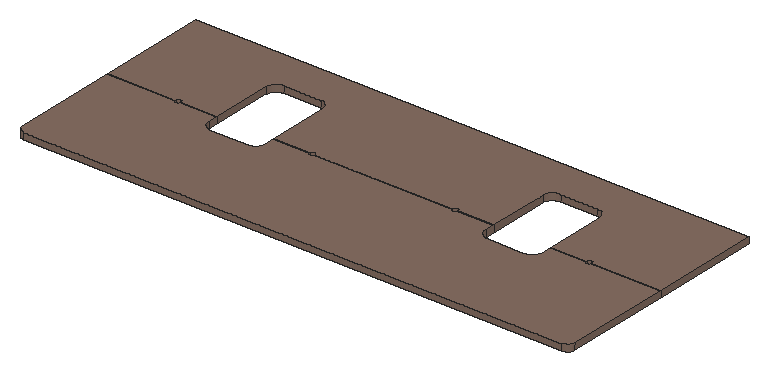
Revit family "console with 2 cutouts for bowl with tap hole", category Furniture, Revit 2019
Family settings
  OmniClass Number = 23.21.19.15.33.13
  Work Plane-Based = No
  Always vertical = Yes
  Cut with Voids When Loaded = No
  Shared = Yes
  Room Calculation Point = No
Parameters (values of type "Console 1360_550 with 2 cutouts for bowl with tap hole-54125630-DARK_WALNUT-400")
  WEIGHT = "12"
  UNSPSC = "56 | Furniture and Furnishings"
  UNIFORMATII = "E2010 | Fixed Furnishings"
  UNICLASS2015 = "Pr_40_20_76_94 | Vanity units"
  SURFACE = "DARK_WALNUT"
  SPECIFICATION = "Surfaces:    - 54125050 High Gloss White  - 54125910 Diamond Matt Grey  - 54125230 Natural Oak  - 54125630 Dark Walnut     Specification:"
  REGIONSET = "Worldwide"
  PRODUCTURL = "https://pro.hansgrohe.com/articledetail--54125050"
  PRODUCTGROUP = "console"
  PRODUCTFAMILY = "Xelu Q"
  PERMALINK = "54125XXX"
  OMNICLASS = "23-19 31 17 11 | Bathroom Units"
  OBJECTTYPE = "Object (single object)"
  NN = "Console with 2 cutouts for bowl with tap hole"
  NBSYN = "$BASENUMBER.-$ARTNR.-$SURFACE.-$LODLEVEL."
  NB = "Console 1360/550 with 2 cutouts for bowl with tap hole-54125630-DARK_WALNUT-400"
  NAME = "Xelu Q Console 1360/550 with 2 cutouts for bowl with tap hole"
  Model = "Console 1360/550 with 2 cutouts for bowl with tap hole-54125630-DARK_WALNUT-400"
  Manufacturer = "Hansgrohe"
  MIdent = "{$CADENAS_DATA/23d-libs/hansgrohe/xelu_furniture/console_with_cutout_for_bowl_with_tap_hole/console_with_2_cutouts_for_bowl_with_taphole.prj},345 {VTYP=3D},{NB=Console 1360/550 with 2 cutouts for bowl with tap hole-54125630-DARK_WALNUT-400},{LINA=Console 1360/550 with 2 cutouts for bowl with tap hole-54125630-DARK_WALNUT-400},{NN=Console with 2 cutouts for bowl with tap hole},{DATE=10.03.2023 08:03:43},{GEOMDATE=08.03.2023 13:05:50},{VERSION=},{LINEID=40},{WBVAR=LODLEVEL},{WBNUMERIC=}  {NB=Console 1360/550 with 2 cutouts for bowl with tap hole-54125630-DARK_WALNUT-400},{LINA=Console 1360/550 with 2 cutouts for bowl with tap hole-54125630-DARK_WALNUT-400},{KT=DUMMY},{IDNR=4},{ARTNR=54125630},{BASENUMBER=Console 1360/550 with 2 cutouts for bowl with tap hole},{MODEL=54125XXX},{SURFACE=DARK_WALNUT},{L=1360},{LODLEVEL=400},{LODLEVELX='400','400','200','200'},{L1=140},{LL=270},{NAME=Xelu Q Console 1360/550 with 2 cutouts for bowl with tap hole},{PERMALINK=54125XXX},{OBJECTTYPE=Object (single object)},{BIMOBJECT=Sanitary: Compound units},{PRODUCTFAMILY=Xelu Q},{PRODUCTGROUP=console},{WEIGHT=12},{DESCRIPTION=Xelu Q Console 1360/550 with 2 cutouts for bowl with tap hole},{SPECIFICATION=Surfaces:    - 54125050 High Gloss White  - 54125910 Diamond Matt Grey  - 54125230 Natural Oak  - 54125630 Dark Walnut     Specification:},{PRODUCTURL=https://pro.hansgrohe.com/articledetail--54125050},{GTINCODE=4059625457856},{TENDERURL=},{IFC=Furnishing element},{ETIM=EC011381 | Bathroom furniture set},{UNICLASS2015=Pr_40_20_76_94 | Vanity units},{OMNICLASS=23-19 31 17 11 | Bathroom Units},{MASTERFORMAT=12 35 30.23 | Bathroom Casework},{UNSPSC=56 | Furniture and Furnishings},{UNIFORMATII=E2010 | Fixed Furnishings},{REGIONSET=Worldwide},{DESIGN=Germany},{MANUFACTURER=Germany}"
  MASTERFORMAT = "12 35 30.23 | Bathroom Casework"
  LODLEVEL = "400"
  LL = 270
  LINA = "Console 1360/550 with 2 cutouts for bowl with tap hole-54125630-DARK_WALNUT-400"
  L1 = 140
  L = 1360
  IFC = "Furnishing element"
  GTINCODE = "4059625457856"
  ETIM = "EC011381 | Bathroom furniture set"
  DESIGN = "Germany"
  Console 1560_550 with 2 cutouts for bowl with tap hole-54126910-DIAMOND_GREY-400_RX0RY0RZ0TX0TY0TZ0_V = no
  Console 1560_550 with 2 cutouts for bowl with tap hole-54126910-DIAMOND_GREY-200_RX0RY0RZ0TX0TY0TZ0_V = no
  Console 1560_550 with 2 cutouts for bowl with tap hole-54126630-DARK_WALNUT-400_RX0RY0RZ0TX0TY0TZ0_V = no
  Console 1560_550 with 2 cutouts for bowl with tap hole-54126630-DARK_WALNUT-200_RX0RY0RZ0TX0TY0TZ0_V = no
  Console 1560_550 with 2 cutouts for bowl with tap hole-54126230-NATURAL_OAK-400_RX0RY0RZ0TX0TY0TZ0_V = no
  Console 1560_550 with 2 cutouts for bowl with tap hole-54126230-NATURAL_OAK-200_RX0RY0RZ0TX0TY0TZ0_V = no
  Console 1560_550 with 2 cutouts for bowl with tap hole-54126050-GLOSSY_WHITE-400_RX0RY0RZ0TX0TY0TZ0_V = no
  Console 1560_550 with 2 cutouts for bowl with tap hole-54126050-GLOSSY_WHITE-200_RX0RY0RZ0TX0TY0TZ0_V = no
  Console 1360_550 with 2 cutouts for bowl with tap hole-54125910-DIAMOND_GREY-400_RX0RY0RZ0TX0TY0TZ0_V = no
  Console 1360_550 with 2 cutouts for bowl with tap hole-54125910-DIAMOND_GREY-200_RX0RY0RZ0TX0TY0TZ0_V = no
  Console 1360_550 with 2 cutouts for bowl with tap hole-54125630-DARK_WALNUT-400_RX0RY0RZ0TX0TY0TZ0_V = yes
  Console 1360_550 with 2 cutouts for bowl with tap hole-54125630-DARK_WALNUT-200_RX0RY0RZ0TX0TY0TZ0_V = no
  Console 1360_550 with 2 cutouts for bowl with tap hole-54125230-NATURAL_OAK-400_RX0RY0RZ0TX0TY0TZ0_V = no
  Console 1360_550 with 2 cutouts for bowl with tap hole-54125230-NATURAL_OAK-200_RX0RY0RZ0TX0TY0TZ0_V = no
  Console 1360_550 with 2 cutouts for bowl with tap hole-54125050-GLOSSY_WHITE-400_RX0RY0RZ0TX0TY0TZ0_V = no
  Console 1360_550 with 2 cutouts for bowl with tap hole-54125050-GLOSSY_WHITE-200_RX0RY0RZ0TX0TY0TZ0_V = no
  CATALOG = "Hansgrohe"
  BIMOBJECT = "Sanitary: Compound units"
  BASENUMBER = "Console 1360/550 with 2 cutouts for bowl with tap hole"
  ARTNR = "54125630"
Reference planes
  plane 1 "Center (Front/Back)": y = 0
  plane 2: z = 0
  plane 3 "Center (Left/Right)": x = 0
Dimensions and locks
  aligned and locked: level to plane 2
Nested families
  nested 1: "console 1360_550 with 2 cutouts for bowl with tap hole-54125050-glossy_white-200_content" at (0, 0, 0), visible <- "Console 1360_550 with 2 cutouts for bowl with tap hole-54125050-GLOSSY_WHITE-200_RX0RY0RZ0TX0TY0TZ0_V", ContentVisible <- "Console 1360_550 with 2 cutouts for bowl with tap hole-54125050-GLOSSY_WHITE-200_RX0RY0RZ0TX0TY0TZ0_V", type "Console 1360_550 with 2 cutouts for bowl with tap hole-54125050-GLOSSY_WHITE-200_Content"
    with ContentVisible no
  nested 2: "console 1360_550 with 2 cutouts for bowl with tap hole-54125050-glossy_white-400_content" at (0, 0, 0), visible <- "Console 1360_550 with 2 cutouts for bowl with tap hole-54125050-GLOSSY_WHITE-400_RX0RY0RZ0TX0TY0TZ0_V", ContentVisible <- "Console 1360_550 with 2 cutouts for bowl with tap hole-54125050-GLOSSY_WHITE-400_RX0RY0RZ0TX0TY0TZ0_V", type "Console 1360_550 with 2 cutouts for bowl with tap hole-54125050-GLOSSY_WHITE-400_Content"
    with ContentVisible no
  nested 3: "console 1360_550 with 2 cutouts for bowl with tap hole-54125230-natural_oak-200_content" at (0, 0, 0), visible <- "Console 1360_550 with 2 cutouts for bowl with tap hole-54125230-NATURAL_OAK-200_RX0RY0RZ0TX0TY0TZ0_V", ContentVisible <- "Console 1360_550 with 2 cutouts for bowl with tap hole-54125230-NATURAL_OAK-200_RX0RY0RZ0TX0TY0TZ0_V", type "Console 1360_550 with 2 cutouts for bowl with tap hole-54125230-NATURAL_OAK-200_Content"
    with ContentVisible no
  nested 4: "console 1360_550 with 2 cutouts for bowl with tap hole-54125230-natural_oak-400_content" at (0, 0, 0), visible <- "Console 1360_550 with 2 cutouts for bowl with tap hole-54125230-NATURAL_OAK-400_RX0RY0RZ0TX0TY0TZ0_V", ContentVisible <- "Console 1360_550 with 2 cutouts for bowl with tap hole-54125230-NATURAL_OAK-400_RX0RY0RZ0TX0TY0TZ0_V", type "Console 1360_550 with 2 cutouts for bowl with tap hole-54125230-NATURAL_OAK-400_Content"
    with ContentVisible no
  nested 5: "console 1360_550 with 2 cutouts for bowl with tap hole-54125630-dark_walnut-200_content" at (0, 0, 0), visible <- "Console 1360_550 with 2 cutouts for bowl with tap hole-54125630-DARK_WALNUT-200_RX0RY0RZ0TX0TY0TZ0_V", ContentVisible <- "Console 1360_550 with 2 cutouts for bowl with tap hole-54125630-DARK_WALNUT-200_RX0RY0RZ0TX0TY0TZ0_V", type "Console 1360_550 with 2 cutouts for bowl with tap hole-54125630-DARK_WALNUT-200_Content"
    with ContentVisible no
  nested 6: "console 1360_550 with 2 cutouts for bowl with tap hole-54125630-dark_walnut-400_content" at (0, 0, 0), visible <- "Console 1360_550 with 2 cutouts for bowl with tap hole-54125630-DARK_WALNUT-400_RX0RY0RZ0TX0TY0TZ0_V", ContentVisible <- "Console 1360_550 with 2 cutouts for bowl with tap hole-54125630-DARK_WALNUT-400_RX0RY0RZ0TX0TY0TZ0_V", type "Console 1360_550 with 2 cutouts for bowl with tap hole-54125630-DARK_WALNUT-400_Content"
    with ContentVisible yes
  nested 7: "console 1360_550 with 2 cutouts for bowl with tap hole-54125910-diamond_grey-200_content" at (0, 0, 0), visible <- "Console 1360_550 with 2 cutouts for bowl with tap hole-54125910-DIAMOND_GREY-200_RX0RY0RZ0TX0TY0TZ0_V", ContentVisible <- "Console 1360_550 with 2 cutouts for bowl with tap hole-54125910-DIAMOND_GREY-200_RX0RY0RZ0TX0TY0TZ0_V", type "Console 1360_550 with 2 cutouts for bowl with tap hole-54125910-DIAMOND_GREY-200_Content"
    with ContentVisible no
  nested 8: "console 1360_550 with 2 cutouts for bowl with tap hole-54125910-diamond_grey-400_content" at (0, 0, 0), visible <- "Console 1360_550 with 2 cutouts for bowl with tap hole-54125910-DIAMOND_GREY-400_RX0RY0RZ0TX0TY0TZ0_V", ContentVisible <- "Console 1360_550 with 2 cutouts for bowl with tap hole-54125910-DIAMOND_GREY-400_RX0RY0RZ0TX0TY0TZ0_V", type "Console 1360_550 with 2 cutouts for bowl with tap hole-54125910-DIAMOND_GREY-400_Content"
    with ContentVisible no
  nested 9: "console 1560_550 with 2 cutouts for bowl with tap hole-54126050-glossy_white-200_content" at (0, 0, 0), visible <- "Console 1560_550 with 2 cutouts for bowl with tap hole-54126050-GLOSSY_WHITE-200_RX0RY0RZ0TX0TY0TZ0_V", ContentVisible <- "Console 1560_550 with 2 cutouts for bowl with tap hole-54126050-GLOSSY_WHITE-200_RX0RY0RZ0TX0TY0TZ0_V", type "Console 1560_550 with 2 cutouts for bowl with tap hole-54126050-GLOSSY_WHITE-200_Content"
    with ContentVisible no
  nested 10: "console 1560_550 with 2 cutouts for bowl with tap hole-54126050-glossy_white-400_content" at (0, 0, 0), visible <- "Console 1560_550 with 2 cutouts for bowl with tap hole-54126050-GLOSSY_WHITE-400_RX0RY0RZ0TX0TY0TZ0_V", ContentVisible <- "Console 1560_550 with 2 cutouts for bowl with tap hole-54126050-GLOSSY_WHITE-400_RX0RY0RZ0TX0TY0TZ0_V", type "Console 1560_550 with 2 cutouts for bowl with tap hole-54126050-GLOSSY_WHITE-400_Content"
    with ContentVisible no
  nested 11: "console 1560_550 with 2 cutouts for bowl with tap hole-54126230-natural_oak-200_content" at (0, 0, 0), visible <- "Console 1560_550 with 2 cutouts for bowl with tap hole-54126230-NATURAL_OAK-200_RX0RY0RZ0TX0TY0TZ0_V", ContentVisible <- "Console 1560_550 with 2 cutouts for bowl with tap hole-54126230-NATURAL_OAK-200_RX0RY0RZ0TX0TY0TZ0_V", type "Console 1560_550 with 2 cutouts for bowl with tap hole-54126230-NATURAL_OAK-200_Content"
    with ContentVisible no
  nested 12: "console 1560_550 with 2 cutouts for bowl with tap hole-54126230-natural_oak-400_content" at (0, 0, 0), visible <- "Console 1560_550 with 2 cutouts for bowl with tap hole-54126230-NATURAL_OAK-400_RX0RY0RZ0TX0TY0TZ0_V", ContentVisible <- "Console 1560_550 with 2 cutouts for bowl with tap hole-54126230-NATURAL_OAK-400_RX0RY0RZ0TX0TY0TZ0_V", type "Console 1560_550 with 2 cutouts for bowl with tap hole-54126230-NATURAL_OAK-400_Content"
    with ContentVisible no
  nested 13: "console 1560_550 with 2 cutouts for bowl with tap hole-54126630-dark_walnut-200_content" at (0, 0, 0), visible <- "Console 1560_550 with 2 cutouts for bowl with tap hole-54126630-DARK_WALNUT-200_RX0RY0RZ0TX0TY0TZ0_V", ContentVisible <- "Console 1560_550 with 2 cutouts for bowl with tap hole-54126630-DARK_WALNUT-200_RX0RY0RZ0TX0TY0TZ0_V", type "Console 1560_550 with 2 cutouts for bowl with tap hole-54126630-DARK_WALNUT-200_Content"
    with ContentVisible no
  nested 14: "console 1560_550 with 2 cutouts for bowl with tap hole-54126630-dark_walnut-400_content" at (0, 0, 0), visible <- "Console 1560_550 with 2 cutouts for bowl with tap hole-54126630-DARK_WALNUT-400_RX0RY0RZ0TX0TY0TZ0_V", ContentVisible <- "Console 1560_550 with 2 cutouts for bowl with tap hole-54126630-DARK_WALNUT-400_RX0RY0RZ0TX0TY0TZ0_V", type "Console 1560_550 with 2 cutouts for bowl with tap hole-54126630-DARK_WALNUT-400_Content"
    with ContentVisible no
  nested 15: "console 1560_550 with 2 cutouts for bowl with tap hole-54126910-diamond_grey-200_content" at (0, 0, 0), visible <- "Console 1560_550 with 2 cutouts for bowl with tap hole-54126910-DIAMOND_GREY-200_RX0RY0RZ0TX0TY0TZ0_V", ContentVisible <- "Console 1560_550 with 2 cutouts for bowl with tap hole-54126910-DIAMOND_GREY-200_RX0RY0RZ0TX0TY0TZ0_V", type "Console 1560_550 with 2 cutouts for bowl with tap hole-54126910-DIAMOND_GREY-200_Content"
    with ContentVisible no
  nested 16: "console 1560_550 with 2 cutouts for bowl with tap hole-54126910-diamond_grey-400_content" at (0, 0, 0), visible <- "Console 1560_550 with 2 cutouts for bowl with tap hole-54126910-DIAMOND_GREY-400_RX0RY0RZ0TX0TY0TZ0_V", ContentVisible <- "Console 1560_550 with 2 cutouts for bowl with tap hole-54126910-DIAMOND_GREY-400_RX0RY0RZ0TX0TY0TZ0_V", type "Console 1560_550 with 2 cutouts for bowl with tap hole-54126910-DIAMOND_GREY-400_Content"
    with ContentVisible no
Definition of nested family "console 1360_550 with 2 cutouts for bowl with tap hole-54125630-dark_walnut-400_content"
  Parameters (values of type "Console 1360_550 with 2 cutouts for bowl with tap hole-54125630-DARK_WALNUT-400_Content")
    WEIGHT = "12"
    UNSPSC = "56 | Furniture and Furnishings"
    UNIFORMATII = "E2010 | Fixed Furnishings"
    UNICLASS2015 = "Pr_40_20_76_94 | Vanity units"
    SURFACE = "DARK_WALNUT"
    SPECIFICATION = "Surfaces:    - 54125050 High Gloss White  - 54125910 Diamond Matt Grey  - 54125230 Natural Oak  - 54125630 Dark Walnut     Specification:"
    REGIONSET = "Worldwide"
    PRODUCTURL = "https://pro.hansgrohe.com/articledetail--54125050"
    PRODUCTGROUP = "console"
    PRODUCTFAMILY = "Xelu Q"
    PERMALINK = "54125XXX"
    OMNICLASS = "23-19 31 17 11 | Bathroom Units"
    OBJECTTYPE = "Object (single object)"
    NN = "Console with 2 cutouts for bowl with tap hole"
    NBSYN = "$BASENUMBER.-$ARTNR.-$SURFACE.-$LODLEVEL."
    NB = "Console 1360/550 with 2 cutouts for bowl with tap hole-54125630-DARK_WALNUT-400"
    NAME = "Xelu Q Console 1360/550 with 2 cutouts for bowl with tap hole"
    Model = "Console 1360/550 with 2 cutouts for bowl with tap hole-54125630-DARK_WALNUT-400"
    Manufacturer = "Hansgrohe"
    MASTERFORMAT = "12 35 30.23 | Bathroom Casework"
    LODLEVEL = "400"
    LL = 270
    LINA = "Console 1360/550 with 2 cutouts for bowl with tap hole-54125630-DARK_WALNUT-400"
    L1 = 140
    L = 1360
    IFC = "Furnishing element"
    GTINCODE = "4059625457856"
    ETIM = "EC011381 | Bathroom furniture set"
    Default Elevation = 1219.2 mm
    DESIGN = "Germany"
    ContentVisible [instance] = yes
    CATALOG = "Hansgrohe"
    BIMOBJECT = "Sanitary: Compound units"
    BASENUMBER = "Console 1360/550 with 2 cutouts for bowl with tap hole"
    ARTNR = "54125630"
  Reference planes
    plane 1 "Center (Front/Back)": y = 0
    plane 2: z = 0
    plane 3 "Center (Left/Right)": x = 0
  Forms (mm)
    Extrusion 1, solid, visible <- "ContentVisible", detail levels medium+fine
      sketch origin (0, 0, 0) x (1, 0, 0) y (0, 1, 0)
        loop
          line (-680, 0) -> (-680, -270.5) -> (-512, -270.5)
          arc (-512, -270.5) -> (-505, -263.5) -> (-498, -270.5) r 7
          line (-498, -270.5) -> (-410, -270.5) -> (-410, -120.5)
          arc (-410, -120.5) -> (-402.678, -102.822) -> (-385, -95.5) r 25
          line (-385, -95.5) -> (-295, -95.5)
          arc (-295, -95.5) -> (-277.322, -102.822) -> (-270, -120.5) r 25
          line (-270, -120.5) -> (-270, -270.5) -> (-182, -270.5)
          arc (-182, -270.5) -> (-175, -263.5) -> (-168, -270.5) r 7
          line (-168, -270.5) -> (168, -270.5)
          arc (168, -270.5) -> (175, -263.5) -> (182, -270.5) r 7
          line (182, -270.5) -> (270, -270.5) -> (270, -120.5)
          arc (270, -120.5) -> (277.322, -102.822) -> (295, -95.5) r 25
          line (295, -95.5) -> (385, -95.5)
          arc (385, -95.5) -> (402.678, -102.822) -> (410, -120.5) r 25
          line (410, -120.5) -> (410, -270.5) -> (498, -270.5)
          arc (498, -270.5) -> (505, -263.5) -> (512, -270.5) r 7
          line (512, -270.5) -> (680, -270.5) -> (680, 0) -> (-680, 0)
      from 0 to 16
    Extrusion 2, solid, visible <- "ContentVisible", detail levels medium+fine
      sketch origin (0, 0, 0) x (1, 0, 0) y (0, 1, 0)
        loop
          line (-680, -270.5) -> (-680, -532)
          arc (-680, -532) -> (-674.728, -544.728) -> (-662, -550) r 18
          line (-662, -550) -> (662, -550)
          arc (662, -550) -> (674.728, -544.728) -> (680, -532) r 18
          line (680, -532) -> (680, -270.5) -> (512, -270.5)
          arc (512, -270.5) -> (505, -277.5) -> (498, -270.5) r 7
          line (498, -270.5) -> (410, -270.5) -> (410, -295.5)
          arc (410, -295.5) -> (402.678, -313.178) -> (385, -320.5) r 25
          line (385, -320.5) -> (295, -320.5)
          arc (295, -320.5) -> (277.322, -313.178) -> (270, -295.5) r 25
          line (270, -295.5) -> (270, -270.5) -> (182, -270.5)
          arc (182, -270.5) -> (175, -277.5) -> (168, -270.5) r 7
          line (168, -270.5) -> (-168, -270.5)
          arc (-168, -270.5) -> (-175, -277.5) -> (-182, -270.5) r 7
          line (-182, -270.5) -> (-270, -270.5) -> (-270, -295.5)
          arc (-270, -295.5) -> (-277.322, -313.178) -> (-295, -320.5) r 25
          line (-295, -320.5) -> (-385, -320.5)
          arc (-385, -320.5) -> (-402.678, -313.178) -> (-410, -295.5) r 25
          line (-410, -295.5) -> (-410, -270.5) -> (-498, -270.5)
          arc (-498, -270.5) -> (-505, -277.5) -> (-512, -270.5) r 7
          line (-512, -270.5) -> (-680, -270.5)
      from 0 to 16
    Extrusion 3, solid, visible <- "ContentVisible", detail levels coarse
      sketch origin (0, -275, 0) x (1, 0, 0) y (0, 1, 0)
        loop
          line (-680, -275) -> (680, -275) -> (680, 275) -> (-680, 275) -> (-680, -275)
      from 0 to 16
  Dimensions and locks
    aligned and locked: level to plane 2
Definition of nested family "console 1360_550 with 2 cutouts for bowl with tap hole-54125050-glossy_white-200_content"
  Parameters (values of type "Console 1360_550 with 2 cutouts for bowl with tap hole-54125050-GLOSSY_WHITE-200_Content")
    WEIGHT = "12"
    UNSPSC = "56 | Furniture and Furnishings"
    UNIFORMATII = "E2010 | Fixed Furnishings"
    UNICLASS2015 = "Pr_40_20_76_94 | Vanity units"
    SURFACE = "GLOSSY_WHITE"
    SPECIFICATION = "Surfaces:    - 54125050 High Gloss White  - 54125910 Diamond Matt Grey  - 54125230 Natural Oak  - 54125630 Dark Walnut     Specification:"
    REGIONSET = "Worldwide"
    PRODUCTURL = "https://pro.hansgrohe.com/articledetail--54125050"
    PRODUCTGROUP = "console"
    PRODUCTFAMILY = "Xelu Q"
    PERMALINK = "54125XXX"
    OMNICLASS = "23-19 31 17 11 | Bathroom Units"
    OBJECTTYPE = "Object (single object)"
    NN = "Console with 2 cutouts for bowl with tap hole"
    NBSYN = "$BASENUMBER.-$ARTNR.-$SURFACE.-$LODLEVEL."
    NB = "Console 1360/550 with 2 cutouts for bowl with tap hole-54125050-GLOSSY_WHITE-200"
    NAME = "Xelu Q Console 1360/550 with 2 cutouts for bowl with tap hole"
    Model = "Console 1360/550 with 2 cutouts for bowl with tap hole-54125050-GLOSSY_WHITE-200"
    Manufacturer = "Hansgrohe"
    MASTERFORMAT = "12 35 30.23 | Bathroom Casework"
    LODLEVEL = "200"
    LL = 270
    LINA = "Console 1360/550 with 2 cutouts for bowl with tap hole-54125050-GLOSSY_WHITE-200"
    L1 = 140
    L = 1360
    IFC = "Furnishing element"
    GTINCODE = "4059625457856"
    ETIM = "EC011381 | Bathroom furniture set"
    Default Elevation = 1219.2 mm
    DESIGN = "Germany"
    ContentVisible [instance] = yes
    CATALOG = "Hansgrohe"
    BIMOBJECT = "Sanitary: Compound units"
    BASENUMBER = "Console 1360/550 with 2 cutouts for bowl with tap hole"
    ARTNR = "54125050"
  Reference planes
    plane 1 "Center (Front/Back)": y = 0
    plane 2: z = 0
    plane 3 "Center (Left/Right)": x = 0
  Forms (mm)
    Extrusion 1, solid, visible <- "ContentVisible", detail levels medium+fine
      sketch origin (0, 0, 0.5) x (1, 0, 0) y (0, 1, 0)
        loop
          line (-680, 0) -> (-680, -550) -> (680, -550) -> (680, 0) -> (-680, 0)
      from 0 to 15
    Extrusion 2, solid, visible <- "ContentVisible", detail levels medium+fine
      sketch origin (0, 0, 0) x (1, 0, 0) y (0, 1, 0)
        loop
          line (270, -120.5) -> (270, -295.5)
          arc (270, -295.5) -> (277.322, -313.178) -> (295, -320.5) r 25
          line (295, -320.5) -> (385, -320.5)
          arc (385, -320.5) -> (402.678, -313.178) -> (410, -295.5) r 25
          line (410, -295.5) -> (410, -120.5)
          arc (410, -120.5) -> (402.678, -102.822) -> (385, -95.5) r 25
          line (385, -95.5) -> (295, -95.5)
          arc (295, -95.5) -> (277.322, -102.822) -> (270, -120.5) r 25
      from 0 to 16
    Extrusion 3, solid, visible <- "ContentVisible", detail levels medium+fine
      sketch origin (0, 0, 0) x (1, 0, 0) y (0, 1, 0)
        loop
          line (-410, -120.5) -> (-410, -295.5)
          arc (-410, -295.5) -> (-402.678, -313.178) -> (-385, -320.5) r 25
          line (-385, -320.5) -> (-295, -320.5)
          arc (-295, -320.5) -> (-277.322, -313.178) -> (-270, -295.5) r 25
          line (-270, -295.5) -> (-270, -120.5)
          arc (-270, -120.5) -> (-277.322, -102.822) -> (-295, -95.5) r 25
          line (-295, -95.5) -> (-385, -95.5)
          arc (-385, -95.5) -> (-402.678, -102.822) -> (-410, -120.5) r 25
      from 0 to 16
    Extrusion 4, solid, visible <- "ContentVisible", detail levels coarse
      sketch origin (0, -275, 0) x (1, 0, 0) y (0, 1, 0)
        loop
          line (-680, -275) -> (680, -275) -> (680, 275) -> (-680, 275) -> (-680, -275)
      from 0 to 16
  Dimensions and locks
    aligned and locked: level to plane 2
Definition of nested family "console 1360_550 with 2 cutouts for bowl with tap hole-54125050-glossy_white-400_content"
  Parameters (values of type "Console 1360_550 with 2 cutouts for bowl with tap hole-54125050-GLOSSY_WHITE-400_Content")
    WEIGHT = "12"
    UNSPSC = "56 | Furniture and Furnishings"
    UNIFORMATII = "E2010 | Fixed Furnishings"
    UNICLASS2015 = "Pr_40_20_76_94 | Vanity units"
    SURFACE = "GLOSSY_WHITE"
    SPECIFICATION = "Surfaces:    - 54125050 High Gloss White  - 54125910 Diamond Matt Grey  - 54125230 Natural Oak  - 54125630 Dark Walnut     Specification:"
    REGIONSET = "Worldwide"
    PRODUCTURL = "https://pro.hansgrohe.com/articledetail--54125050"
    PRODUCTGROUP = "console"
    PRODUCTFAMILY = "Xelu Q"
    PERMALINK = "54125XXX"
    OMNICLASS = "23-19 31 17 11 | Bathroom Units"
    OBJECTTYPE = "Object (single object)"
    NN = "Console with 2 cutouts for bowl with tap hole"
    NBSYN = "$BASENUMBER.-$ARTNR.-$SURFACE.-$LODLEVEL."
    NB = "Console 1360/550 with 2 cutouts for bowl with tap hole-54125050-GLOSSY_WHITE-400"
    NAME = "Xelu Q Console 1360/550 with 2 cutouts for bowl with tap hole"
    Model = "Console 1360/550 with 2 cutouts for bowl with tap hole-54125050-GLOSSY_WHITE-400"
    Manufacturer = "Hansgrohe"
    MASTERFORMAT = "12 35 30.23 | Bathroom Casework"
    LODLEVEL = "400"
    LL = 270
    LINA = "Console 1360/550 with 2 cutouts for bowl with tap hole-54125050-GLOSSY_WHITE-400"
    L1 = 140
    L = 1360
    IFC = "Furnishing element"
    GTINCODE = "4059625457856"
    ETIM = "EC011381 | Bathroom furniture set"
    Default Elevation = 1219.2 mm
    DESIGN = "Germany"
    ContentVisible [instance] = yes
    CATALOG = "Hansgrohe"
    BIMOBJECT = "Sanitary: Compound units"
    BASENUMBER = "Console 1360/550 with 2 cutouts for bowl with tap hole"
    ARTNR = "54125050"
  Reference planes
    plane 1 "Center (Front/Back)": y = 0
    plane 2: z = 0
    plane 3 "Center (Left/Right)": x = 0
  Forms (mm)
    Extrusion 1, solid, visible <- "ContentVisible", detail levels medium+fine
      sketch origin (0, 0, 0) x (1, 0, 0) y (0, 1, 0)
        loop
          line (-680, 0) -> (-680, -270.5) -> (-512, -270.5)
          arc (-512, -270.5) -> (-505, -263.5) -> (-498, -270.5) r 7
          line (-498, -270.5) -> (-410, -270.5) -> (-410, -120.5)
          arc (-410, -120.5) -> (-402.678, -102.822) -> (-385, -95.5) r 25
          line (-385, -95.5) -> (-295, -95.5)
          arc (-295, -95.5) -> (-277.322, -102.822) -> (-270, -120.5) r 25
          line (-270, -120.5) -> (-270, -270.5) -> (-182, -270.5)
          arc (-182, -270.5) -> (-175, -263.5) -> (-168, -270.5) r 7
          line (-168, -270.5) -> (168, -270.5)
          arc (168, -270.5) -> (175, -263.5) -> (182, -270.5) r 7
          line (182, -270.5) -> (270, -270.5) -> (270, -120.5)
          arc (270, -120.5) -> (277.322, -102.822) -> (295, -95.5) r 25
          line (295, -95.5) -> (385, -95.5)
          arc (385, -95.5) -> (402.678, -102.822) -> (410, -120.5) r 25
          line (410, -120.5) -> (410, -270.5) -> (498, -270.5)
          arc (498, -270.5) -> (505, -263.5) -> (512, -270.5) r 7
          line (512, -270.5) -> (680, -270.5) -> (680, 0) -> (-680, 0)
      from 0 to 16
    Extrusion 2, solid, visible <- "ContentVisible", detail levels medium+fine
      sketch origin (0, 0, 0) x (1, 0, 0) y (0, 1, 0)
        loop
          line (-680, -270.5) -> (-680, -532)
          arc (-680, -532) -> (-674.728, -544.728) -> (-662, -550) r 18
          line (-662, -550) -> (662, -550)
          arc (662, -550) -> (674.728, -544.728) -> (680, -532) r 18
          line (680, -532) -> (680, -270.5) -> (512, -270.5)
          arc (512, -270.5) -> (505, -277.5) -> (498, -270.5) r 7
          line (498, -270.5) -> (410, -270.5) -> (410, -295.5)
          arc (410, -295.5) -> (402.678, -313.178) -> (385, -320.5) r 25
          line (385, -320.5) -> (295, -320.5)
          arc (295, -320.5) -> (277.322, -313.178) -> (270, -295.5) r 25
          line (270, -295.5) -> (270, -270.5) -> (182, -270.5)
          arc (182, -270.5) -> (175, -277.5) -> (168, -270.5) r 7
          line (168, -270.5) -> (-168, -270.5)
          arc (-168, -270.5) -> (-175, -277.5) -> (-182, -270.5) r 7
          line (-182, -270.5) -> (-270, -270.5) -> (-270, -295.5)
          arc (-270, -295.5) -> (-277.322, -313.178) -> (-295, -320.5) r 25
          line (-295, -320.5) -> (-385, -320.5)
          arc (-385, -320.5) -> (-402.678, -313.178) -> (-410, -295.5) r 25
          line (-410, -295.5) -> (-410, -270.5) -> (-498, -270.5)
          arc (-498, -270.5) -> (-505, -277.5) -> (-512, -270.5) r 7
          line (-512, -270.5) -> (-680, -270.5)
      from 0 to 16
    Extrusion 3, solid, visible <- "ContentVisible", detail levels coarse
      sketch origin (0, -275, 0) x (1, 0, 0) y (0, 1, 0)
        loop
          line (-680, -275) -> (680, -275) -> (680, 275) -> (-680, 275) -> (-680, -275)
      from 0 to 16
  Dimensions and locks
    aligned and locked: level to plane 2
Definition of nested family "console 1360_550 with 2 cutouts for bowl with tap hole-54125230-natural_oak-200_content"
  Parameters (values of type "Console 1360_550 with 2 cutouts for bowl with tap hole-54125230-NATURAL_OAK-200_Content")
    WEIGHT = "12"
    UNSPSC = "56 | Furniture and Furnishings"
    UNIFORMATII = "E2010 | Fixed Furnishings"
    UNICLASS2015 = "Pr_40_20_76_94 | Vanity units"
    SURFACE = "NATURAL_OAK"
    SPECIFICATION = "Surfaces:    - 54125050 High Gloss White  - 54125910 Diamond Matt Grey  - 54125230 Natural Oak  - 54125630 Dark Walnut     Specification:"
    REGIONSET = "Worldwide"
    PRODUCTURL = "https://pro.hansgrohe.com/articledetail--54125050"
    PRODUCTGROUP = "console"
    PRODUCTFAMILY = "Xelu Q"
    PERMALINK = "54125XXX"
    OMNICLASS = "23-19 31 17 11 | Bathroom Units"
    OBJECTTYPE = "Object (single object)"
    NN = "Console with 2 cutouts for bowl with tap hole"
    NBSYN = "$BASENUMBER.-$ARTNR.-$SURFACE.-$LODLEVEL."
    NB = "Console 1360/550 with 2 cutouts for bowl with tap hole-54125230-NATURAL_OAK-200"
    NAME = "Xelu Q Console 1360/550 with 2 cutouts for bowl with tap hole"
    Model = "Console 1360/550 with 2 cutouts for bowl with tap hole-54125230-NATURAL_OAK-200"
    Manufacturer = "Hansgrohe"
    MASTERFORMAT = "12 35 30.23 | Bathroom Casework"
    LODLEVEL = "200"
    LL = 270
    LINA = "Console 1360/550 with 2 cutouts for bowl with tap hole-54125230-NATURAL_OAK-200"
    L1 = 140
    L = 1360
    IFC = "Furnishing element"
    GTINCODE = "4059625457856"
    ETIM = "EC011381 | Bathroom furniture set"
    Default Elevation = 1219.2 mm
    DESIGN = "Germany"
    ContentVisible [instance] = yes
    CATALOG = "Hansgrohe"
    BIMOBJECT = "Sanitary: Compound units"
    BASENUMBER = "Console 1360/550 with 2 cutouts for bowl with tap hole"
    ARTNR = "54125230"
  Reference planes
    plane 1 "Center (Front/Back)": y = 0
    plane 2: z = 0
    plane 3 "Center (Left/Right)": x = 0
  Forms (mm)
    Extrusion 1, solid, visible <- "ContentVisible", detail levels medium+fine
      sketch origin (0, 0, 0.5) x (1, 0, 0) y (0, 1, 0)
        loop
          line (-680, 0) -> (-680, -550) -> (680, -550) -> (680, 0) -> (-680, 0)
      from 0 to 15
    Extrusion 2, solid, visible <- "ContentVisible", detail levels medium+fine
      sketch origin (0, 0, 0) x (1, 0, 0) y (0, 1, 0)
        loop
          line (270, -120.5) -> (270, -295.5)
          arc (270, -295.5) -> (277.322, -313.178) -> (295, -320.5) r 25
          line (295, -320.5) -> (385, -320.5)
          arc (385, -320.5) -> (402.678, -313.178) -> (410, -295.5) r 25
          line (410, -295.5) -> (410, -120.5)
          arc (410, -120.5) -> (402.678, -102.822) -> (385, -95.5) r 25
          line (385, -95.5) -> (295, -95.5)
          arc (295, -95.5) -> (277.322, -102.822) -> (270, -120.5) r 25
      from 0 to 16
    Extrusion 3, solid, visible <- "ContentVisible", detail levels medium+fine
      sketch origin (0, 0, 0) x (1, 0, 0) y (0, 1, 0)
        loop
          line (-410, -120.5) -> (-410, -295.5)
          arc (-410, -295.5) -> (-402.678, -313.178) -> (-385, -320.5) r 25
          line (-385, -320.5) -> (-295, -320.5)
          arc (-295, -320.5) -> (-277.322, -313.178) -> (-270, -295.5) r 25
          line (-270, -295.5) -> (-270, -120.5)
          arc (-270, -120.5) -> (-277.322, -102.822) -> (-295, -95.5) r 25
          line (-295, -95.5) -> (-385, -95.5)
          arc (-385, -95.5) -> (-402.678, -102.822) -> (-410, -120.5) r 25
      from 0 to 16
    Extrusion 4, solid, visible <- "ContentVisible", detail levels coarse
      sketch origin (0, -275, 0) x (1, 0, 0) y (0, 1, 0)
        loop
          line (-680, -275) -> (680, -275) -> (680, 275) -> (-680, 275) -> (-680, -275)
      from 0 to 16
  Dimensions and locks
    aligned and locked: level to plane 2
Definition of nested family "console 1360_550 with 2 cutouts for bowl with tap hole-54125230-natural_oak-400_content"
  Parameters (values of type "Console 1360_550 with 2 cutouts for bowl with tap hole-54125230-NATURAL_OAK-400_Content")
    WEIGHT = "12"
    UNSPSC = "56 | Furniture and Furnishings"
    UNIFORMATII = "E2010 | Fixed Furnishings"
    UNICLASS2015 = "Pr_40_20_76_94 | Vanity units"
    SURFACE = "NATURAL_OAK"
    SPECIFICATION = "Surfaces:    - 54125050 High Gloss White  - 54125910 Diamond Matt Grey  - 54125230 Natural Oak  - 54125630 Dark Walnut     Specification:"
    REGIONSET = "Worldwide"
    PRODUCTURL = "https://pro.hansgrohe.com/articledetail--54125050"
    PRODUCTGROUP = "console"
    PRODUCTFAMILY = "Xelu Q"
    PERMALINK = "54125XXX"
    OMNICLASS = "23-19 31 17 11 | Bathroom Units"
    OBJECTTYPE = "Object (single object)"
    NN = "Console with 2 cutouts for bowl with tap hole"
    NBSYN = "$BASENUMBER.-$ARTNR.-$SURFACE.-$LODLEVEL."
    NB = "Console 1360/550 with 2 cutouts for bowl with tap hole-54125230-NATURAL_OAK-400"
    NAME = "Xelu Q Console 1360/550 with 2 cutouts for bowl with tap hole"
    Model = "Console 1360/550 with 2 cutouts for bowl with tap hole-54125230-NATURAL_OAK-400"
    Manufacturer = "Hansgrohe"
    MASTERFORMAT = "12 35 30.23 | Bathroom Casework"
    LODLEVEL = "400"
    LL = 270
    LINA = "Console 1360/550 with 2 cutouts for bowl with tap hole-54125230-NATURAL_OAK-400"
    L1 = 140
    L = 1360
    IFC = "Furnishing element"
    GTINCODE = "4059625457856"
    ETIM = "EC011381 | Bathroom furniture set"
    Default Elevation = 1219.2 mm
    DESIGN = "Germany"
    ContentVisible [instance] = yes
    CATALOG = "Hansgrohe"
    BIMOBJECT = "Sanitary: Compound units"
    BASENUMBER = "Console 1360/550 with 2 cutouts for bowl with tap hole"
    ARTNR = "54125230"
  Reference planes
    plane 1 "Center (Front/Back)": y = 0
    plane 2: z = 0
    plane 3 "Center (Left/Right)": x = 0
  Forms (mm)
    Extrusion 1, solid, visible <- "ContentVisible", detail levels medium+fine
      sketch origin (0, 0, 0) x (1, 0, 0) y (0, 1, 0)
        loop
          line (-680, 0) -> (-680, -270.5) -> (-512, -270.5)
          arc (-512, -270.5) -> (-505, -263.5) -> (-498, -270.5) r 7
          line (-498, -270.5) -> (-410, -270.5) -> (-410, -120.5)
          arc (-410, -120.5) -> (-402.678, -102.822) -> (-385, -95.5) r 25
          line (-385, -95.5) -> (-295, -95.5)
          arc (-295, -95.5) -> (-277.322, -102.822) -> (-270, -120.5) r 25
          line (-270, -120.5) -> (-270, -270.5) -> (-182, -270.5)
          arc (-182, -270.5) -> (-175, -263.5) -> (-168, -270.5) r 7
          line (-168, -270.5) -> (168, -270.5)
          arc (168, -270.5) -> (175, -263.5) -> (182, -270.5) r 7
          line (182, -270.5) -> (270, -270.5) -> (270, -120.5)
          arc (270, -120.5) -> (277.322, -102.822) -> (295, -95.5) r 25
          line (295, -95.5) -> (385, -95.5)
          arc (385, -95.5) -> (402.678, -102.822) -> (410, -120.5) r 25
          line (410, -120.5) -> (410, -270.5) -> (498, -270.5)
          arc (498, -270.5) -> (505, -263.5) -> (512, -270.5) r 7
          line (512, -270.5) -> (680, -270.5) -> (680, 0) -> (-680, 0)
      from 0 to 16
    Extrusion 2, solid, visible <- "ContentVisible", detail levels medium+fine
      sketch origin (0, 0, 0) x (1, 0, 0) y (0, 1, 0)
        loop
          line (-680, -270.5) -> (-680, -532)
          arc (-680, -532) -> (-674.728, -544.728) -> (-662, -550) r 18
          line (-662, -550) -> (662, -550)
          arc (662, -550) -> (674.728, -544.728) -> (680, -532) r 18
          line (680, -532) -> (680, -270.5) -> (512, -270.5)
          arc (512, -270.5) -> (505, -277.5) -> (498, -270.5) r 7
          line (498, -270.5) -> (410, -270.5) -> (410, -295.5)
          arc (410, -295.5) -> (402.678, -313.178) -> (385, -320.5) r 25
          line (385, -320.5) -> (295, -320.5)
          arc (295, -320.5) -> (277.322, -313.178) -> (270, -295.5) r 25
          line (270, -295.5) -> (270, -270.5) -> (182, -270.5)
          arc (182, -270.5) -> (175, -277.5) -> (168, -270.5) r 7
          line (168, -270.5) -> (-168, -270.5)
          arc (-168, -270.5) -> (-175, -277.5) -> (-182, -270.5) r 7
          line (-182, -270.5) -> (-270, -270.5) -> (-270, -295.5)
          arc (-270, -295.5) -> (-277.322, -313.178) -> (-295, -320.5) r 25
          line (-295, -320.5) -> (-385, -320.5)
          arc (-385, -320.5) -> (-402.678, -313.178) -> (-410, -295.5) r 25
          line (-410, -295.5) -> (-410, -270.5) -> (-498, -270.5)
          arc (-498, -270.5) -> (-505, -277.5) -> (-512, -270.5) r 7
          line (-512, -270.5) -> (-680, -270.5)
      from 0 to 16
    Extrusion 3, solid, visible <- "ContentVisible", detail levels coarse
      sketch origin (0, -275, 0) x (1, 0, 0) y (0, 1, 0)
        loop
          line (-680, -275) -> (680, -275) -> (680, 275) -> (-680, 275) -> (-680, -275)
      from 0 to 16
  Dimensions and locks
    aligned and locked: level to plane 2
Definition of nested family "console 1360_550 with 2 cutouts for bowl with tap hole-54125630-dark_walnut-200_content"
  Parameters (values of type "Console 1360_550 with 2 cutouts for bowl with tap hole-54125630-DARK_WALNUT-200_Content")
    WEIGHT = "12"
    UNSPSC = "56 | Furniture and Furnishings"
    UNIFORMATII = "E2010 | Fixed Furnishings"
    UNICLASS2015 = "Pr_40_20_76_94 | Vanity units"
    SURFACE = "DARK_WALNUT"
    SPECIFICATION = "Surfaces:    - 54125050 High Gloss White  - 54125910 Diamond Matt Grey  - 54125230 Natural Oak  - 54125630 Dark Walnut     Specification:"
    REGIONSET = "Worldwide"
    PRODUCTURL = "https://pro.hansgrohe.com/articledetail--54125050"
    PRODUCTGROUP = "console"
    PRODUCTFAMILY = "Xelu Q"
    PERMALINK = "54125XXX"
    OMNICLASS = "23-19 31 17 11 | Bathroom Units"
    OBJECTTYPE = "Object (single object)"
    NN = "Console with 2 cutouts for bowl with tap hole"
    NBSYN = "$BASENUMBER.-$ARTNR.-$SURFACE.-$LODLEVEL."
    NB = "Console 1360/550 with 2 cutouts for bowl with tap hole-54125630-DARK_WALNUT-200"
    NAME = "Xelu Q Console 1360/550 with 2 cutouts for bowl with tap hole"
    Model = "Console 1360/550 with 2 cutouts for bowl with tap hole-54125630-DARK_WALNUT-200"
    Manufacturer = "Hansgrohe"
    MASTERFORMAT = "12 35 30.23 | Bathroom Casework"
    LODLEVEL = "200"
    LL = 270
    LINA = "Console 1360/550 with 2 cutouts for bowl with tap hole-54125630-DARK_WALNUT-200"
    L1 = 140
    L = 1360
    IFC = "Furnishing element"
    GTINCODE = "4059625457856"
    ETIM = "EC011381 | Bathroom furniture set"
    Default Elevation = 1219.2 mm
    DESIGN = "Germany"
    ContentVisible [instance] = yes
    CATALOG = "Hansgrohe"
    BIMOBJECT = "Sanitary: Compound units"
    BASENUMBER = "Console 1360/550 with 2 cutouts for bowl with tap hole"
    ARTNR = "54125630"
  Reference planes
    plane 1 "Center (Front/Back)": y = 0
    plane 2: z = 0
    plane 3 "Center (Left/Right)": x = 0
  Forms (mm)
    Extrusion 1, solid, visible <- "ContentVisible", detail levels medium+fine
      sketch origin (0, 0, 0.5) x (1, 0, 0) y (0, 1, 0)
        loop
          line (-680, 0) -> (-680, -550) -> (680, -550) -> (680, 0) -> (-680, 0)
      from 0 to 15
    Extrusion 2, solid, visible <- "ContentVisible", detail levels medium+fine
      sketch origin (0, 0, 0) x (1, 0, 0) y (0, 1, 0)
        loop
          line (270, -120.5) -> (270, -295.5)
          arc (270, -295.5) -> (277.322, -313.178) -> (295, -320.5) r 25
          line (295, -320.5) -> (385, -320.5)
          arc (385, -320.5) -> (402.678, -313.178) -> (410, -295.5) r 25
          line (410, -295.5) -> (410, -120.5)
          arc (410, -120.5) -> (402.678, -102.822) -> (385, -95.5) r 25
          line (385, -95.5) -> (295, -95.5)
          arc (295, -95.5) -> (277.322, -102.822) -> (270, -120.5) r 25
      from 0 to 16
    Extrusion 3, solid, visible <- "ContentVisible", detail levels medium+fine
      sketch origin (0, 0, 0) x (1, 0, 0) y (0, 1, 0)
        loop
          line (-410, -120.5) -> (-410, -295.5)
          arc (-410, -295.5) -> (-402.678, -313.178) -> (-385, -320.5) r 25
          line (-385, -320.5) -> (-295, -320.5)
          arc (-295, -320.5) -> (-277.322, -313.178) -> (-270, -295.5) r 25
          line (-270, -295.5) -> (-270, -120.5)
          arc (-270, -120.5) -> (-277.322, -102.822) -> (-295, -95.5) r 25
          line (-295, -95.5) -> (-385, -95.5)
          arc (-385, -95.5) -> (-402.678, -102.822) -> (-410, -120.5) r 25
      from 0 to 16
    Extrusion 4, solid, visible <- "ContentVisible", detail levels coarse
      sketch origin (0, -275, 0) x (1, 0, 0) y (0, 1, 0)
        loop
          line (-680, -275) -> (680, -275) -> (680, 275) -> (-680, 275) -> (-680, -275)
      from 0 to 16
  Dimensions and locks
    aligned and locked: level to plane 2
Definition of nested family "console 1360_550 with 2 cutouts for bowl with tap hole-54125910-diamond_grey-200_content"
  Parameters (values of type "Console 1360_550 with 2 cutouts for bowl with tap hole-54125910-DIAMOND_GREY-200_Content")
    WEIGHT = "12"
    UNSPSC = "56 | Furniture and Furnishings"
    UNIFORMATII = "E2010 | Fixed Furnishings"
    UNICLASS2015 = "Pr_40_20_76_94 | Vanity units"
    SURFACE = "DIAMOND_GREY"
    SPECIFICATION = "Surfaces:    - 54125050 High Gloss White  - 54125910 Diamond Matt Grey  - 54125230 Natural Oak  - 54125630 Dark Walnut     Specification:"
    REGIONSET = "Worldwide"
    PRODUCTURL = "https://pro.hansgrohe.com/articledetail--54125050"
    PRODUCTGROUP = "console"
    PRODUCTFAMILY = "Xelu Q"
    PERMALINK = "54125XXX"
    OMNICLASS = "23-19 31 17 11 | Bathroom Units"
    OBJECTTYPE = "Object (single object)"
    NN = "Console with 2 cutouts for bowl with tap hole"
    NBSYN = "$BASENUMBER.-$ARTNR.-$SURFACE.-$LODLEVEL."
    NB = "Console 1360/550 with 2 cutouts for bowl with tap hole-54125910-DIAMOND_GREY-200"
    NAME = "Xelu Q Console 1360/550 with 2 cutouts for bowl with tap hole"
    Model = "Console 1360/550 with 2 cutouts for bowl with tap hole-54125910-DIAMOND_GREY-200"
    Manufacturer = "Hansgrohe"
    MASTERFORMAT = "12 35 30.23 | Bathroom Casework"
    LODLEVEL = "200"
    LL = 270
    LINA = "Console 1360/550 with 2 cutouts for bowl with tap hole-54125910-DIAMOND_GREY-200"
    L1 = 140
    L = 1360
    IFC = "Furnishing element"
    GTINCODE = "4059625457856"
    ETIM = "EC011381 | Bathroom furniture set"
    Default Elevation = 1219.2 mm
    DESIGN = "Germany"
    ContentVisible [instance] = yes
    CATALOG = "Hansgrohe"
    BIMOBJECT = "Sanitary: Compound units"
    BASENUMBER = "Console 1360/550 with 2 cutouts for bowl with tap hole"
    ARTNR = "54125910"
  Reference planes
    plane 1 "Center (Front/Back)": y = 0
    plane 2: z = 0
    plane 3 "Center (Left/Right)": x = 0
  Forms (mm)
    Extrusion 1, solid, visible <- "ContentVisible", detail levels medium+fine
      sketch origin (0, 0, 0.5) x (1, 0, 0) y (0, 1, 0)
        loop
          line (-680, 0) -> (-680, -550) -> (680, -550) -> (680, 0) -> (-680, 0)
      from 0 to 15
    Extrusion 2, solid, visible <- "ContentVisible", detail levels medium+fine
      sketch origin (0, 0, 0) x (1, 0, 0) y (0, 1, 0)
        loop
          line (270, -120.5) -> (270, -295.5)
          arc (270, -295.5) -> (277.322, -313.178) -> (295, -320.5) r 25
          line (295, -320.5) -> (385, -320.5)
          arc (385, -320.5) -> (402.678, -313.178) -> (410, -295.5) r 25
          line (410, -295.5) -> (410, -120.5)
          arc (410, -120.5) -> (402.678, -102.822) -> (385, -95.5) r 25
          line (385, -95.5) -> (295, -95.5)
          arc (295, -95.5) -> (277.322, -102.822) -> (270, -120.5) r 25
      from 0 to 16
    Extrusion 3, solid, visible <- "ContentVisible", detail levels medium+fine
      sketch origin (0, 0, 0) x (1, 0, 0) y (0, 1, 0)
        loop
          line (-410, -120.5) -> (-410, -295.5)
          arc (-410, -295.5) -> (-402.678, -313.178) -> (-385, -320.5) r 25
          line (-385, -320.5) -> (-295, -320.5)
          arc (-295, -320.5) -> (-277.322, -313.178) -> (-270, -295.5) r 25
          line (-270, -295.5) -> (-270, -120.5)
          arc (-270, -120.5) -> (-277.322, -102.822) -> (-295, -95.5) r 25
          line (-295, -95.5) -> (-385, -95.5)
          arc (-385, -95.5) -> (-402.678, -102.822) -> (-410, -120.5) r 25
      from 0 to 16
    Extrusion 4, solid, visible <- "ContentVisible", detail levels coarse
      sketch origin (0, -275, 0) x (1, 0, 0) y (0, 1, 0)
        loop
          line (-680, -275) -> (680, -275) -> (680, 275) -> (-680, 275) -> (-680, -275)
      from 0 to 16
  Dimensions and locks
    aligned and locked: level to plane 2
Definition of nested family "console 1360_550 with 2 cutouts for bowl with tap hole-54125910-diamond_grey-400_content"
  Parameters (values of type "Console 1360_550 with 2 cutouts for bowl with tap hole-54125910-DIAMOND_GREY-400_Content")
    WEIGHT = "12"
    UNSPSC = "56 | Furniture and Furnishings"
    UNIFORMATII = "E2010 | Fixed Furnishings"
    UNICLASS2015 = "Pr_40_20_76_94 | Vanity units"
    SURFACE = "DIAMOND_GREY"
    SPECIFICATION = "Surfaces:    - 54125050 High Gloss White  - 54125910 Diamond Matt Grey  - 54125230 Natural Oak  - 54125630 Dark Walnut     Specification:"
    REGIONSET = "Worldwide"
    PRODUCTURL = "https://pro.hansgrohe.com/articledetail--54125050"
    PRODUCTGROUP = "console"
    PRODUCTFAMILY = "Xelu Q"
    PERMALINK = "54125XXX"
    OMNICLASS = "23-19 31 17 11 | Bathroom Units"
    OBJECTTYPE = "Object (single object)"
    NN = "Console with 2 cutouts for bowl with tap hole"
    NBSYN = "$BASENUMBER.-$ARTNR.-$SURFACE.-$LODLEVEL."
    NB = "Console 1360/550 with 2 cutouts for bowl with tap hole-54125910-DIAMOND_GREY-400"
    NAME = "Xelu Q Console 1360/550 with 2 cutouts for bowl with tap hole"
    Model = "Console 1360/550 with 2 cutouts for bowl with tap hole-54125910-DIAMOND_GREY-400"
    Manufacturer = "Hansgrohe"
    MASTERFORMAT = "12 35 30.23 | Bathroom Casework"
    LODLEVEL = "400"
    LL = 270
    LINA = "Console 1360/550 with 2 cutouts for bowl with tap hole-54125910-DIAMOND_GREY-400"
    L1 = 140
    L = 1360
    IFC = "Furnishing element"
    GTINCODE = "4059625457856"
    ETIM = "EC011381 | Bathroom furniture set"
    Default Elevation = 1219.2 mm
    DESIGN = "Germany"
    ContentVisible [instance] = yes
    CATALOG = "Hansgrohe"
    BIMOBJECT = "Sanitary: Compound units"
    BASENUMBER = "Console 1360/550 with 2 cutouts for bowl with tap hole"
    ARTNR = "54125910"
  Reference planes
    plane 1 "Center (Front/Back)": y = 0
    plane 2: z = 0
    plane 3 "Center (Left/Right)": x = 0
  Forms (mm)
    Extrusion 1, solid, visible <- "ContentVisible", detail levels medium+fine
      sketch origin (0, 0, 0) x (1, 0, 0) y (0, 1, 0)
        loop
          line (-680, 0) -> (-680, -270.5) -> (-512, -270.5)
          arc (-512, -270.5) -> (-505, -263.5) -> (-498, -270.5) r 7
          line (-498, -270.5) -> (-410, -270.5) -> (-410, -120.5)
          arc (-410, -120.5) -> (-402.678, -102.822) -> (-385, -95.5) r 25
          line (-385, -95.5) -> (-295, -95.5)
          arc (-295, -95.5) -> (-277.322, -102.822) -> (-270, -120.5) r 25
          line (-270, -120.5) -> (-270, -270.5) -> (-182, -270.5)
          arc (-182, -270.5) -> (-175, -263.5) -> (-168, -270.5) r 7
          line (-168, -270.5) -> (168, -270.5)
          arc (168, -270.5) -> (175, -263.5) -> (182, -270.5) r 7
          line (182, -270.5) -> (270, -270.5) -> (270, -120.5)
          arc (270, -120.5) -> (277.322, -102.822) -> (295, -95.5) r 25
          line (295, -95.5) -> (385, -95.5)
          arc (385, -95.5) -> (402.678, -102.822) -> (410, -120.5) r 25
          line (410, -120.5) -> (410, -270.5) -> (498, -270.5)
          arc (498, -270.5) -> (505, -263.5) -> (512, -270.5) r 7
          line (512, -270.5) -> (680, -270.5) -> (680, 0) -> (-680, 0)
      from 0 to 16
    Extrusion 2, solid, visible <- "ContentVisible", detail levels medium+fine
      sketch origin (0, 0, 0) x (1, 0, 0) y (0, 1, 0)
        loop
          line (-680, -270.5) -> (-680, -532)
          arc (-680, -532) -> (-674.728, -544.728) -> (-662, -550) r 18
          line (-662, -550) -> (662, -550)
          arc (662, -550) -> (674.728, -544.728) -> (680, -532) r 18
          line (680, -532) -> (680, -270.5) -> (512, -270.5)
          arc (512, -270.5) -> (505, -277.5) -> (498, -270.5) r 7
          line (498, -270.5) -> (410, -270.5) -> (410, -295.5)
          arc (410, -295.5) -> (402.678, -313.178) -> (385, -320.5) r 25
          line (385, -320.5) -> (295, -320.5)
          arc (295, -320.5) -> (277.322, -313.178) -> (270, -295.5) r 25
          line (270, -295.5) -> (270, -270.5) -> (182, -270.5)
          arc (182, -270.5) -> (175, -277.5) -> (168, -270.5) r 7
          line (168, -270.5) -> (-168, -270.5)
          arc (-168, -270.5) -> (-175, -277.5) -> (-182, -270.5) r 7
          line (-182, -270.5) -> (-270, -270.5) -> (-270, -295.5)
          arc (-270, -295.5) -> (-277.322, -313.178) -> (-295, -320.5) r 25
          line (-295, -320.5) -> (-385, -320.5)
          arc (-385, -320.5) -> (-402.678, -313.178) -> (-410, -295.5) r 25
          line (-410, -295.5) -> (-410, -270.5) -> (-498, -270.5)
          arc (-498, -270.5) -> (-505, -277.5) -> (-512, -270.5) r 7
          line (-512, -270.5) -> (-680, -270.5)
      from 0 to 16
    Extrusion 3, solid, visible <- "ContentVisible", detail levels coarse
      sketch origin (0, -275, 0) x (1, 0, 0) y (0, 1, 0)
        loop
          line (-680, -275) -> (680, -275) -> (680, 275) -> (-680, 275) -> (-680, -275)
      from 0 to 16
  Dimensions and locks
    aligned and locked: level to plane 2
Definition of nested family "console 1560_550 with 2 cutouts for bowl with tap hole-54126050-glossy_white-200_content"
  Parameters (values of type "Console 1560_550 with 2 cutouts for bowl with tap hole-54126050-GLOSSY_WHITE-200_Content")
    WEIGHT = "13.3"
    UNSPSC = "56 | Furniture and Furnishings"
    UNIFORMATII = "E2010 | Fixed Furnishings"
    UNICLASS2015 = "Pr_40_20_76_94 | Vanity units"
    SURFACE = "GLOSSY_WHITE"
    SPECIFICATION = "Surfaces:    - 54126050 High Gloss White  - 54126910 Diamond Matt Grey  - 54126230 Natural Oak  - 54126630 Dark Walnut      Specification:"
    REGIONSET = "Worldwide"
    PRODUCTURL = "https://pro.hansgrohe.com/articledetail--54126050"
    PRODUCTGROUP = "console"
    PRODUCTFAMILY = "Xelu Q"
    PERMALINK = "54126XXX"
    OMNICLASS = "23-19 31 17 11 | Bathroom Units"
    OBJECTTYPE = "Object (single object)"
    NN = "Console with 2 cutouts for bowl with tap hole"
    NBSYN = "$BASENUMBER.-$ARTNR.-$SURFACE.-$LODLEVEL."
    NB = "Console 1560/550 with 2 cutouts for bowl with tap hole-54126050-GLOSSY_WHITE-200"
    NAME = "Xelu Q Console 1560/550 with 2 cutouts for bowl with tap hole"
    Model = "Console 1560/550 with 2 cutouts for bowl with tap hole-54126050-GLOSSY_WHITE-200"
    Manufacturer = "Hansgrohe"
    MASTERFORMAT = "12 35 30.23 | Bathroom Casework"
    LODLEVEL = "200"
    LL = 320
    LINA = "Console 1560/550 with 2 cutouts for bowl with tap hole-54126050-GLOSSY_WHITE-200"
    L1 = 140
    L = 1560
    IFC = "Furnishing element"
    GTINCODE = "4059625458211"
    ETIM = "EC011381 | Bathroom furniture set"
    Default Elevation = 1219.2 mm
    DESIGN = "Germany"
    ContentVisible [instance] = yes
    CATALOG = "Hansgrohe"
    BIMOBJECT = "Sanitary: Compound units"
    BASENUMBER = "Console 1560/550 with 2 cutouts for bowl with tap hole"
    ARTNR = "54126050"
  Reference planes
    plane 1 "Center (Front/Back)": y = 0
    plane 2: z = 0
    plane 3 "Center (Left/Right)": x = 0
  Forms (mm)
    Extrusion 1, solid, visible <- "ContentVisible", detail levels medium+fine
      sketch origin (0, 0, 0.5) x (1, 0, 0) y (0, 1, 0)
        loop
          line (-780, 0) -> (-780, -550) -> (780, -550) -> (780, 0) -> (-780, 0)
      from 0 to 15
    Extrusion 2, solid, visible <- "ContentVisible", detail levels medium+fine
      sketch origin (0, 0, 0) x (1, 0, 0) y (0, 1, 0)
        loop
          line (320, -120.5) -> (320, -295.5)
          arc (320, -295.5) -> (327.322, -313.178) -> (345, -320.5) r 25
          line (345, -320.5) -> (435, -320.5)
          arc (435, -320.5) -> (452.678, -313.178) -> (460, -295.5) r 25
          line (460, -295.5) -> (460, -120.5)
          arc (460, -120.5) -> (452.678, -102.822) -> (435, -95.5) r 25
          line (435, -95.5) -> (345, -95.5)
          arc (345, -95.5) -> (327.322, -102.822) -> (320, -120.5) r 25
      from 0 to 16
    Extrusion 3, solid, visible <- "ContentVisible", detail levels medium+fine
      sketch origin (0, 0, 0) x (1, 0, 0) y (0, 1, 0)
        loop
          line (-460, -120.5) -> (-460, -295.5)
          arc (-460, -295.5) -> (-452.678, -313.178) -> (-435, -320.5) r 25
          line (-435, -320.5) -> (-345, -320.5)
          arc (-345, -320.5) -> (-327.322, -313.178) -> (-320, -295.5) r 25
          line (-320, -295.5) -> (-320, -120.5)
          arc (-320, -120.5) -> (-327.322, -102.822) -> (-345, -95.5) r 25
          line (-345, -95.5) -> (-435, -95.5)
          arc (-435, -95.5) -> (-452.678, -102.822) -> (-460, -120.5) r 25
      from 0 to 16
    Extrusion 4, solid, visible <- "ContentVisible", detail levels coarse
      sketch origin (0, -275, 0) x (1, 0, 0) y (0, 1, 0)
        loop
          line (-780, -275) -> (780, -275) -> (780, 275) -> (-780, 275) -> (-780, -275)
      from 0 to 16
  Dimensions and locks
    aligned and locked: level to plane 2
Definition of nested family "console 1560_550 with 2 cutouts for bowl with tap hole-54126050-glossy_white-400_content"
  Parameters (values of type "Console 1560_550 with 2 cutouts for bowl with tap hole-54126050-GLOSSY_WHITE-400_Content")
    WEIGHT = "13.3"
    UNSPSC = "56 | Furniture and Furnishings"
    UNIFORMATII = "E2010 | Fixed Furnishings"
    UNICLASS2015 = "Pr_40_20_76_94 | Vanity units"
    SURFACE = "GLOSSY_WHITE"
    SPECIFICATION = "Surfaces:    - 54126050 High Gloss White  - 54126910 Diamond Matt Grey  - 54126230 Natural Oak  - 54126630 Dark Walnut      Specification:"
    REGIONSET = "Worldwide"
    PRODUCTURL = "https://pro.hansgrohe.com/articledetail--54126050"
    PRODUCTGROUP = "console"
    PRODUCTFAMILY = "Xelu Q"
    PERMALINK = "54126XXX"
    OMNICLASS = "23-19 31 17 11 | Bathroom Units"
    OBJECTTYPE = "Object (single object)"
    NN = "Console with 2 cutouts for bowl with tap hole"
    NBSYN = "$BASENUMBER.-$ARTNR.-$SURFACE.-$LODLEVEL."
    NB = "Console 1560/550 with 2 cutouts for bowl with tap hole-54126050-GLOSSY_WHITE-400"
    NAME = "Xelu Q Console 1560/550 with 2 cutouts for bowl with tap hole"
    Model = "Console 1560/550 with 2 cutouts for bowl with tap hole-54126050-GLOSSY_WHITE-400"
    Manufacturer = "Hansgrohe"
    MASTERFORMAT = "12 35 30.23 | Bathroom Casework"
    LODLEVEL = "400"
    LL = 320
    LINA = "Console 1560/550 with 2 cutouts for bowl with tap hole-54126050-GLOSSY_WHITE-400"
    L1 = 140
    L = 1560
    IFC = "Furnishing element"
    GTINCODE = "4059625458211"
    ETIM = "EC011381 | Bathroom furniture set"
    Default Elevation = 1219.2 mm
    DESIGN = "Germany"
    ContentVisible [instance] = yes
    CATALOG = "Hansgrohe"
    BIMOBJECT = "Sanitary: Compound units"
    BASENUMBER = "Console 1560/550 with 2 cutouts for bowl with tap hole"
    ARTNR = "54126050"
  Reference planes
    plane 1 "Center (Front/Back)": y = 0
    plane 2: z = 0
    plane 3 "Center (Left/Right)": x = 0
  Forms (mm)
    Extrusion 1, solid, visible <- "ContentVisible", detail levels medium+fine
      sketch origin (0, 0, 0) x (1, 0, 0) y (0, 1, 0)
        loop
          line (-780, 0) -> (-780, -270.5) -> (-512, -270.5)
          arc (-512, -270.5) -> (-505, -263.5) -> (-498, -270.5) r 7
          line (-498, -270.5) -> (-460, -270.5) -> (-460, -120.5)
          arc (-460, -120.5) -> (-452.678, -102.822) -> (-435, -95.5) r 25
          line (-435, -95.5) -> (-345, -95.5)
          arc (-345, -95.5) -> (-327.322, -102.822) -> (-320, -120.5) r 25
          line (-320, -120.5) -> (-320, -270.5) -> (-182, -270.5)
          arc (-182, -270.5) -> (-175, -263.5) -> (-168, -270.5) r 7
          line (-168, -270.5) -> (168, -270.5)
          arc (168, -270.5) -> (175, -263.5) -> (182, -270.5) r 7
          line (182, -270.5) -> (320, -270.5) -> (320, -120.5)
          arc (320, -120.5) -> (327.322, -102.822) -> (345, -95.5) r 25
          line (345, -95.5) -> (435, -95.5)
          arc (435, -95.5) -> (452.678, -102.822) -> (460, -120.5) r 25
          line (460, -120.5) -> (460, -270.5) -> (498, -270.5)
          arc (498, -270.5) -> (505, -263.5) -> (512, -270.5) r 7
          line (512, -270.5) -> (780, -270.5) -> (780, 0) -> (-780, 0)
      from 0 to 16
    Extrusion 2, solid, visible <- "ContentVisible", detail levels medium+fine
      sketch origin (0, 0, 0) x (1, 0, 0) y (0, 1, 0)
        loop
          line (-780, -270.5) -> (-780, -532)
          arc (-780, -532) -> (-774.728, -544.728) -> (-762, -550) r 18
          line (-762, -550) -> (762, -550)
          arc (762, -550) -> (774.728, -544.728) -> (780, -532) r 18
          line (780, -532) -> (780, -270.5) -> (512, -270.5)
          arc (512, -270.5) -> (505, -277.5) -> (498, -270.5) r 7
          line (498, -270.5) -> (460, -270.5) -> (460, -295.5)
          arc (460, -295.5) -> (452.678, -313.178) -> (435, -320.5) r 25
          line (435, -320.5) -> (345, -320.5)
          arc (345, -320.5) -> (327.322, -313.178) -> (320, -295.5) r 25
          line (320, -295.5) -> (320, -270.5) -> (182, -270.5)
          arc (182, -270.5) -> (175, -277.5) -> (168, -270.5) r 7
          line (168, -270.5) -> (-168, -270.5)
          arc (-168, -270.5) -> (-175, -277.5) -> (-182, -270.5) r 7
          line (-182, -270.5) -> (-320, -270.5) -> (-320, -295.5)
          arc (-320, -295.5) -> (-327.322, -313.178) -> (-345, -320.5) r 25
          line (-345, -320.5) -> (-435, -320.5)
          arc (-435, -320.5) -> (-452.678, -313.178) -> (-460, -295.5) r 25
          line (-460, -295.5) -> (-460, -270.5) -> (-498, -270.5)
          arc (-498, -270.5) -> (-505, -277.5) -> (-512, -270.5) r 7
          line (-512, -270.5) -> (-780, -270.5)
      from 0 to 16
    Extrusion 3, solid, visible <- "ContentVisible", detail levels coarse
      sketch origin (0, -275, 0) x (1, 0, 0) y (0, 1, 0)
        loop
          line (-780, -275) -> (780, -275) -> (780, 275) -> (-780, 275) -> (-780, -275)
      from 0 to 16
  Dimensions and locks
    aligned and locked: level to plane 2
Definition of nested family "console 1560_550 with 2 cutouts for bowl with tap hole-54126230-natural_oak-200_content"
  Parameters (values of type "Console 1560_550 with 2 cutouts for bowl with tap hole-54126230-NATURAL_OAK-200_Content")
    WEIGHT = "13.3"
    UNSPSC = "56 | Furniture and Furnishings"
    UNIFORMATII = "E2010 | Fixed Furnishings"
    UNICLASS2015 = "Pr_40_20_76_94 | Vanity units"
    SURFACE = "NATURAL_OAK"
    SPECIFICATION = "Surfaces:    - 54126050 High Gloss White  - 54126910 Diamond Matt Grey  - 54126230 Natural Oak  - 54126630 Dark Walnut      Specification:"
    REGIONSET = "Worldwide"
    PRODUCTURL = "https://pro.hansgrohe.com/articledetail--54126050"
    PRODUCTGROUP = "console"
    PRODUCTFAMILY = "Xelu Q"
    PERMALINK = "54126XXX"
    OMNICLASS = "23-19 31 17 11 | Bathroom Units"
    OBJECTTYPE = "Object (single object)"
    NN = "Console with 2 cutouts for bowl with tap hole"
    NBSYN = "$BASENUMBER.-$ARTNR.-$SURFACE.-$LODLEVEL."
    NB = "Console 1560/550 with 2 cutouts for bowl with tap hole-54126230-NATURAL_OAK-200"
    NAME = "Xelu Q Console 1560/550 with 2 cutouts for bowl with tap hole"
    Model = "Console 1560/550 with 2 cutouts for bowl with tap hole-54126230-NATURAL_OAK-200"
    Manufacturer = "Hansgrohe"
    MASTERFORMAT = "12 35 30.23 | Bathroom Casework"
    LODLEVEL = "200"
    LL = 320
    LINA = "Console 1560/550 with 2 cutouts for bowl with tap hole-54126230-NATURAL_OAK-200"
    L1 = 140
    L = 1560
    IFC = "Furnishing element"
    GTINCODE = "4059625458211"
    ETIM = "EC011381 | Bathroom furniture set"
    Default Elevation = 1219.2 mm
    DESIGN = "Germany"
    ContentVisible [instance] = yes
    CATALOG = "Hansgrohe"
